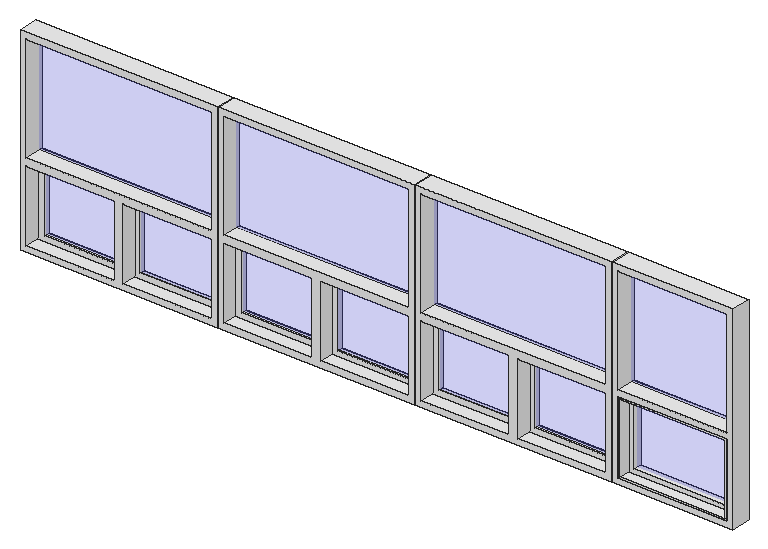
Revit family
Parameters (values of type "AW 19")
  창 두께 = 150 mm
  창 패널 = AW19 창 패널
  창 프레임 = AW19 창 프레임
  길이 1 = (Width - 915 mm) / 3  # 1500 mm
  Height = 1500 mm
  절반 창 두께 = 창 두께 / 2  # 75 mm
  기본 씰 높이 = 900 mm
  Wall Closure = (empty or 0)
  Width = 5415 mm
Types (3): name
  (no name)
  AW 20
  AW 19
Reference planes
  plane 1: y = 0
  plane 2 "중심(왼쪽/오른쪽)": x = 0
  plane 3 "왼쪽": x = -2707.5
  plane 4 "오른쪽": x = 2707.5
  plane 5 "씰": z = 900
  plane 6 "헤드": z = 2400
  plane 7 "외부": y = 100
  plane 8 "내부": y = -100
  plane 9: y = 75
  plane 10: y = -75
  plane 11: y = 35
  plane 12: x = -2662.5
  plane 13: x = 2662.5
  plane 14: x = -2652.5
  plane 15: x = 2652.5
  plane 16: z = 1500
  plane 17: z = 1490
  plane 18: z = 1545
  plane 19: y = 55
  plane 20: y = 66
  plane 21: y = 44
  plane 22: y = -11
  plane 23: y = 11
  plane 24: x = -1208
  plane 25: x = 292
  plane 26: x = 1792
  plane 27: x = -1957.75
  plane 28: x = -458
  plane 29: x = 1042
  plane 30: x = -1990.25
  plane 31: x = -1925.25
  plane 32: x = -1980.25
  plane 33: x = -1935.25
  plane 34: x = -1240.5
  plane 35: x = -1175.5
  plane 36: x = -1230.5
  plane 37: x = -1185.5
  plane 38: x = -425.5
  plane 39: x = -490.5
  plane 40: x = -480.5
  plane 41: x = -435.5
  plane 42: x = 259.5
  plane 43: x = 324.5
  plane 44: x = 269.5
  plane 45: x = 314.5
  plane 46: x = 1009.5
  plane 47: x = 1074.5
  plane 48: x = 1019.5
  plane 49: x = 1064.5
  plane 50: x = 1759.5
  plane 51: x = 1824.5
  plane 52: x = 1769.5
  plane 53: x = 1814.5
  plane 54: x = 1417
  plane 55: x = 667
  plane 56: x = -83
  plane 57: x = -833
  plane 58: x = -1582.875
  plane 59: x = -2332.625
  plane 60: x = 2249.75
Lines and regions (mm)
  symbolic lines, style "입면도 스윙"
    curve 1: line (22.5, 75, 945) -> (-32.5, 75, 945)
  symbolic lines
    curve 2: line (-2707.5, 100, 0) -> (-2707.5, -100, 0)
    curve 3: line (2707.5, 100, 0) -> (2707.5, -100, 0)
    curve 4: line (-2707.5, 75, 0) -> (2707.5, 75, 0)
    curve 5: line (-2707.5, -75, 0) -> (2707.5, -75, 0)
    curve 6: line (-2707.5, 0, 0) -> (-1252.5, 0, 0)
    curve 7: line (-1252.5, 75, 0) -> (-1252.5, -75, 0)
    curve 8: line (-1162.5, 75, 0) -> (-1162.5, -75, 0)
    curve 9: line (-1162.5, 0, 0) -> (247.5, 0, 0)
    curve 10: line (247.5, 75, 0) -> (247.5, -75, 0)
    curve 11: line (337.5, 75, 0) -> (337.5, -75, 0)
    curve 12: line (337.5, 0, 0) -> (1747.5, 0, 0)
    curve 13: line (1747.5, 75, 0) -> (1747.5, -75, 0)
    curve 14: line (1837.5, 75, 0) -> (1837.5, -75, 0)
    curve 15: line (1837.5, 0, 0) -> (2707.5, 0, 0)
Text (mm)
  text "외부" at (-1963.203, 1332.353, 0), in view "참조 레벨"
  text "내부" at (-1981.466, -818.386, 0), in view "참조 레벨"
  text "외부" at (0, 923.751, 2943.296), in view "오른쪽"
  text "외부" at (0, 1040.484, 2685.409), in view "왼쪽"
Dimensions and locks
  equal spacing: plane 3 "왼쪽", plane 2 "중심(왼쪽/오른쪽)", plane 4 "오른쪽"
  "Width": plane 3 "왼쪽" to plane 4 "오른쪽"
  "Height": plane 5 "씰" to plane 6 "헤드"
  "기본 씰 높이": plane 5 "씰" to level
  locked: plane 7 "외부" to host wall at 0
  locked: plane 8 "내부" to host wall
  plane 17 to plane 16 to plane 18 = 10 mm locked, 45 mm locked
  plane 9 to plane 19 to plane 11 = 20 mm locked, 20 mm locked
  plane 20 to plane 19 to plane 21 = 11 mm locked, 11 mm locked
  plane 23 to host wall to plane 22 = 11 mm locked, 11 mm locked
  plane 3 "왼쪽" to plane 12 to plane 14 = 45 mm locked, 10 mm locked
  plane 15 to plane 13 to plane 4 "오른쪽" = 10 mm locked, 45 mm locked
  locked: plane 5 "씰" to plane 16 at 600
  equal spacing: plane 24, plane 28, plane 25
  equal spacing: plane 25, plane 29, plane 26
  plane 30 to plane 32 to plane 27 to plane 33 to plane 31 = 10 mm locked, 22.5 mm locked, 22.5 mm locked, 10 mm locked
  plane 34 to plane 36 to plane 24 to plane 37 to plane 35 = 10 mm locked, 22.5 mm locked, 22.5 mm locked, 10 mm locked
  plane 39 to plane 40 to plane 28 to plane 41 to plane 38 = 10 mm locked, 22.5 mm locked, 22.5 mm locked, 10 mm locked
  plane 42 to plane 44 to plane 25 to plane 45 to plane 43 = 10 mm locked, 22.5 mm locked, 22.5 mm locked, 10 mm locked
  plane 46 to plane 48 to plane 29 to plane 49 to plane 47 = 10 mm locked, 22.5 mm locked, 22.5 mm locked, 10 mm locked
  plane 50 to plane 52 to plane 26 to plane 53 to plane 51 = 10 mm locked, 22.5 mm locked, 22.5 mm locked, 10 mm locked
  equal spacing: plane 29, plane 54, plane 26
  equal spacing: plane 25, plane 55, plane 29
  equal spacing: plane 28, plane 56, plane 25
  equal spacing: plane 24, plane 57, plane 28
  equal spacing: plane 27, plane 58, plane 24
  locked: plane 25 to plane 26 at 1500
  locked: plane 24 to plane 25 at 1500
  locked: plane 3 "왼쪽" to plane 24 at 1499.5
  equal spacing: plane 3 "왼쪽", plane 27, plane 24
  equal spacing: plane 3 "왼쪽", plane 59, plane 27
  equal spacing: plane 26, plane 60, plane 4 "오른쪽"
  "절반 창 두께": plane 9 to host wall
  "절반 창 두께": host wall to plane 10
  aligned and locked: plane 3 "왼쪽" to nested 1
  aligned and locked: nested 1 to plane 5 "씰"
  aligned and locked: nested 2 to plane 5 "씰"
  aligned and locked: nested 2 to nested 1
  aligned and locked: nested 3 to plane 5 "씰"
  aligned and locked: nested 2 to nested 3
  aligned and locked: plane 4 "오른쪽" to nested 4
  aligned and locked: nested 4 to plane 5 "씰"
  aligned and locked: curve 2 to plane 7 "외부"
  aligned and locked: curve 2 to plane 8 "내부"
  aligned and locked: curve 2 to nested 1
  aligned and locked: plane 7 "외부" to curve 3
  aligned and locked: plane 8 "내부" to curve 3
  aligned and locked: curve 3 to nested 4
  aligned and locked: nested 1 to curve 5
  aligned and locked: nested 4 to curve 5
  aligned and locked: curve 5 to plane 10
  aligned and locked: curve 4 to plane 9
  aligned and locked: nested 1 to curve 6
  aligned and locked: host wall to curve 6
  aligned and locked: plane 9 to curve 7
  aligned and locked: plane 10 to curve 7
  aligned and locked: nested 1 to curve 7
  aligned and locked: nested 2 to curve 8
  aligned and locked: curve 8 to curve 9
  aligned and locked: nested 2 to curve 9
  aligned and locked: host wall to curve 9
  aligned and locked: nested 2 to curve 10
  aligned and locked: nested 3 to curve 11
  aligned and locked: curve 11 to curve 12
  aligned and locked: nested 3 to curve 12
  aligned and locked: host wall to curve 12
  aligned and locked: nested 3 to curve 13
  aligned and locked: nested 4 to curve 14
  aligned and locked: curve 14 to curve 15
  aligned and locked: host wall to curve 15
Automatic sketch dimensions
  plane 2 "중심(왼쪽/오른쪽)" to curve 1 = 22.5 mm
  curve 1 to plane 2 "중심(왼쪽/오른쪽)" = 32.5 mm
  curve 1 to plane 5 "씰" = 45 mm
Nested families
  nested 1: "AW9 2" at (-1957.5, 0, 0) x (-1, 0, 0) z (0, 0, 1), type "AW9"
  nested 2: "AW9 2" at (-457.5, 0, 0) x (-1, 0, 0) z (0, 0, 1), type "AW9"
  nested 3: "AW9 2" at (1042.5, 0, 0) x (-1, 0, 0) z (0, 0, 1), type "AW9"
  nested 4: "창 단위" at (2250, 0, 0), type "AW9-1"
Definition of nested family "AW9 2"
  Parameters (values of type "AW9-1")
    창 두께 = 100 mm
    창 패널 = AW9 창 패널
    창 프레임 = AW9 창 프레임
    Height = 1500 mm
    절반 창 두께 = 창 두께 / 2  # 50 mm
    기본 씰 높이 = 900 mm
    Wall Closure = (empty or 0)
    Width = 1500 mm
    Assembly Code = ""
  Types (2, lengths in mm): name | 창 두께 | 창 패널 | 창 프레임 | 절반 창 두께
    AW9 | 150 | AW19 창 패널 | AW19 창 프레임 | 75
    AW9-1 | 100 | AW9 창 패널 | AW9 창 프레임 | 50
  Reference planes
    plane 1: y = 0
    plane 2 "중심(왼쪽/오른쪽)": x = 0
    plane 3 "왼쪽": x = -750
    plane 4 "오른쪽": x = 750
    plane 5 "씰": z = 900
    plane 6 "헤드": z = 2400
    plane 7 "외부": y = 100
    plane 8 "내부": y = -100
    plane 9: y = 50
    plane 10: y = -50
    plane 11: y = 10
    plane 12: x = -705
    plane 13: x = 705
    plane 14: x = -695
    plane 15: x = 695
    plane 16: z = 1500
    plane 17: z = 1490
    plane 18: z = 1545
    plane 19: y = 30
    plane 20: y = 41
    plane 21: y = 19
    plane 22: y = -11
    plane 23: y = 11
    plane 24: x = -22.5
    plane 25: x = 22.5
    plane 26: x = -32.5
    plane 27: x = 32.5
    plane 28: z = 2355
    plane 29: z = 945
    plane 30: x = 655
    plane 31: z = 1450
    plane 32: x = -655
    plane 33: z = 985
    plane 34: x = 72.5
    plane 35: x = -72.5
    plane 36: x = 368.75
    plane 37: x = -368.75
  Forms (mm)
    Extrusion 1, solid, material "AW9 창 프레임" <- "창 프레임"
      sketch origin (-2000, 50, 1000) x (-1, 0, 0) y (0, 0, 1)
        loop
          line (-2750, 1400) -> (-2750, -100) -> (-1250, -100) -> (-1250, 1400) -> (-2750, 1400)
        loop
          line (-2705, 1355) -> (-2705, 545) -> (-1295, 545) -> (-1295, 1355) -> (-2705, 1355)
        loop
          line (-2705, -55) -> (-2032.5, -55) -> (-2032.5, 490) -> (-2705, 490) -> (-2705, -55)
        loop
          line (-1295, -55) -> (-1295, 490) -> (-1967.5, 490) -> (-1967.5, -55) -> (-1295, -55)
      from -100 to 0
    Extrusion 2, solid, material "AW9 창 프레임" <- "창 프레임"
      sketch origin (-2000, 50, 1000) x (-1, 0, 0) y (0, 0, 1)
        loop
          line (-2705, 490) -> (-2705, -55) -> (-2032.5, -55) -> (-2032.5, 490) -> (-2705, 490)
        loop
          line (-1967.5, 490) -> (-1967.5, -55) -> (-1295, -55) -> (-1295, 490) -> (-1967.5, 490)
        loop
          line (-2655, 450) -> (-2655, -15) -> (-2072.5, -15) -> (-2072.5, 450) -> (-2655, 450)
        loop
          line (-1927.5, 450) -> (-1927.5, -15) -> (-1345, -15) -> (-1345, 450) -> (-1927.5, 450)
      from -40 to 0
    Extrusion 3, solid, material "AW9 창 패널" <- "창 패널"
      sketch origin (-2000, 50, 1000) x (-1, 0, 0) y (0, 0, 1)
        loop
          line (-2705, 1355) -> (-2705, 545) -> (-1295, 545) -> (-1295, 1355) -> (-2705, 1355)
        loop
          line (-2655, 450) -> (-2655, -15) -> (-2072.5, -15) -> (-2072.5, 450) -> (-2655, 450)
        loop
          line (-1927.5, 450) -> (-1927.5, -15) -> (-1345, -15) -> (-1345, 450) -> (-1927.5, 450)
      from -31 to -9
  Lines and regions (mm)
    Opening 1
      outline origin (3500, -100, 0) x (1, 0, 0) y (0, 0, 1)
        loop
          line (-2750, 900) -> (-2750, 2400) -> (-4250, 2400) -> (-4250, 900) -> (-2750, 900)
    symbolic lines, style "입면도 스윙"
      curve 1: line (368.75, 50, 1490) -> (705, 50, 945)
      curve 2: line (368.75, 50, 1490) -> (32.5, 50, 945)
      curve 3: line (-32.5, 50, 945) -> (-368.75, 50, 1490)
      curve 4: line (-368.75, 50, 1490) -> (-705, 50, 945)
  Text (mm)
    text "외부" at (-1963.203, 1332.353, 0), in view "참조 레벨"
    text "내부" at (-1981.466, -818.386, 0), in view "참조 레벨"
    text "외부" at (0, 923.751, 2943.296), in view "오른쪽"
    text "외부" at (0, 1040.484, 2685.409), in view "왼쪽"
  Dimensions and locks
    equal spacing: plane 3 "왼쪽", plane 2 "중심(왼쪽/오른쪽)", plane 4 "오른쪽"
    "Width": plane 3 "왼쪽" to plane 4 "오른쪽"
    "Height": plane 5 "씰" to plane 6 "헤드"
    locked: plane 7 "외부" to host wall at 0
    locked: plane 8 "내부" to host wall
    plane 17 to plane 16 to plane 18 = 10 mm locked, 45 mm locked
    plane 9 to plane 19 to plane 11 = 20 mm locked, 20 mm locked
    plane 20 to plane 19 to plane 21 = 11 mm locked, 11 mm locked
    plane 23 to host wall to plane 22 = 11 mm locked, 11 mm locked
    plane 3 "왼쪽" to plane 12 to plane 14 = 45 mm locked, 10 mm locked
    plane 15 to plane 13 to plane 4 "오른쪽" = 10 mm locked, 45 mm locked
    plane 24 to plane 2 "중심(왼쪽/오른쪽)" to plane 25 = 22.5 mm locked, 22.5 mm locked
    locked: plane 26 to plane 24 at 10
    locked: plane 25 to plane 27 at 10
    locked: plane 5 "씰" to plane 16 at 600
    "절반 창 두께": plane 9 to plane 1
    "절반 창 두께": plane 10 to plane 1
    "기본 씰 높이": level to plane 5 "씰"
    locked: plane 28 to plane 6 "헤드" at 45
    locked: plane 5 "씰" to plane 29 at 45
    locked: plane 30 to plane 15 at 40
    locked: plane 31 to plane 17 at 40
    locked: plane 14 to plane 32 at 40
    locked: plane 29 to plane 33 at 40
    locked: plane 34 to plane 27 at 40
    locked: plane 26 to plane 35 at 40
    equal spacing: plane 27, plane 36, plane 13
    equal spacing: plane 26, plane 37, plane 12
    aligned and locked: plane 6 "헤드" to Extrusion 1 sketch curve
    aligned and locked: plane 4 "오른쪽" to Extrusion 1 sketch curve
    aligned and locked: Extrusion 1 sketch curve to plane 5 "씰"
    aligned and locked: Extrusion 1 sketch curve to plane 3 "왼쪽"
    aligned and locked: Extrusion 1 sketch curve to plane 28
    aligned and locked: plane 13 to Extrusion 1 sketch curve  (x2)
    aligned and locked: plane 29 to Extrusion 1 sketch curve  (x2)
    aligned and locked: Extrusion 1 sketch curve to plane 12
    aligned and locked: plane 18 to Extrusion 1 sketch curve
    aligned and locked: plane 12 to Extrusion 1 sketch curve
    aligned and locked: plane 17 to Extrusion 1 sketch curve  (x2)
    aligned and locked: plane 27 to Extrusion 1 sketch curve
    aligned and locked: plane 26 to Extrusion 1 sketch curve
    aligned and locked: Extrusion 1 to plane 10
    aligned and locked: plane 9 to Extrusion 1
    aligned and locked: plane 17 to Extrusion 2 sketch curve  (x2)
    aligned and locked: plane 13 to Extrusion 2 sketch curve
    aligned and locked: plane 29 to Extrusion 2 sketch curve  (x2)
    aligned and locked: plane 27 to Extrusion 2 sketch curve
    aligned and locked: Extrusion 2 sketch curve to plane 31  (x2)
    aligned and locked: plane 30 to Extrusion 2 sketch curve
    aligned and locked: plane 33 to Extrusion 2 sketch curve  (x2)
    aligned and locked: Extrusion 2 sketch curve to plane 34
    aligned and locked: Extrusion 2 sketch curve to plane 26
    aligned and locked: Extrusion 2 sketch curve to plane 12
    aligned and locked: plane 35 to Extrusion 2 sketch curve
    aligned and locked: Extrusion 2 sketch curve to plane 32
    aligned and locked: Extrusion 2 to plane 9
    aligned and locked: Extrusion 2 to plane 11
    aligned and locked: Extrusion 3 sketch curve to plane 28
    aligned and locked: plane 13 to Extrusion 3 sketch curve
    aligned and locked: Extrusion 3 sketch curve to plane 18
    aligned and locked: Extrusion 3 sketch curve to plane 12
    aligned and locked: Extrusion 3 sketch curve to plane 31  (x2)
    aligned and locked: plane 30 to Extrusion 3 sketch curve
    aligned and locked: plane 33 to Extrusion 3 sketch curve  (x2)
    aligned and locked: Extrusion 3 sketch curve to plane 34
    aligned and locked: plane 35 to Extrusion 3 sketch curve
    aligned and locked: Extrusion 3 sketch curve to plane 32
    aligned and locked: Extrusion 3 to plane 21
    aligned and locked: plane 20 to Extrusion 3
    aligned and locked: plane 36 to curve 1
    aligned and locked: plane 29 to curve 1
    aligned and locked: plane 13 to curve 1
    aligned and locked: plane 17 to curve 2
    aligned and locked: plane 27 to curve 2
    aligned and locked: plane 29 to curve 2
    aligned and locked: plane 17 to curve 3
    aligned and locked: plane 37 to curve 3
    aligned and locked: plane 29 to curve 3
    aligned and locked: plane 26 to curve 3
    aligned and locked: plane 29 to curve 4
    aligned and locked: plane 12 to curve 4
  Automatic sketch dimensions
    Opening 1 sketch curve to plane 3 "왼쪽" = 0 mm
    Opening 1 sketch curve to plane 4 "오른쪽" = 0 mm
    Opening 1 sketch curve to plane 5 "씰" = 0 mm
    Opening 1 sketch curve to plane 6 "헤드" = 0 mm
    Extrusion 1 sketch curve to plane 17 = 0 mm
    Extrusion 1 sketch curve to plane 29 = 0 mm
Definition of nested family "창 단위"
  Parameters (values of type "AW9-1")
    창 두께 = 150 mm
    창 패널 = AW19 창 패널
    창 프레임 = AW19 창 프레임
    Height = 1500 mm
    절반 창 두께 = 창 두께 / 2  # 75 mm
    기본 씰 높이 = 900 mm
    Wall Closure = (empty or 0)
    Width = 915 mm
    Assembly Code = ""
  Types (2, lengths in mm): name | 창 패널 | 창 프레임 | 기본 씰 높이 | Width
    AW9 | AW9 창 패널 | AW9 창 프레임 | 1200 | 1500
    AW9-1 | AW19 창 패널 | AW19 창 프레임 | 900 | 915
  Reference planes
    plane 1: y = 0
    plane 2 "중심(왼쪽/오른쪽)": x = 0
    plane 3 "왼쪽": x = -457.5
    plane 4 "오른쪽": x = 457.5
    plane 5 "씰": z = 900
    plane 6 "헤드": z = 2400
    plane 7 "외부": y = 100
    plane 8 "내부": y = -100
    plane 9: y = 75
    plane 10: y = -75
    plane 11: y = 35
    plane 12: x = -412.5
    plane 13: x = 412.5
    plane 14: x = -402.5
    plane 15: x = 402.5
    plane 16: z = 1500
    plane 17: z = 1490
    plane 18: z = 1545
    plane 19: y = 55
    plane 20: y = 66
    plane 21: y = 44
    plane 22: y = -11
    plane 23: y = 11
    plane 24: x = -22.5
    plane 25: x = 22.5
    plane 26: x = -32.5
    plane 27: x = 32.5
    plane 28: z = 2355
    plane 29: z = 945
    plane 30: x = 362.5
    plane 31: z = 1450
    plane 32: x = -362.5
    plane 33: z = 985
    plane 34: x = 72.5
    plane 35: x = -72.5
    plane 36: x = 222.5
    plane 37: x = -222.5
    plane 38: z = 955
  Forms (mm)
    Extrusion 1, solid, material "AW19 창 프레임" <- "창 프레임"
      sketch origin (-2000, 75, 1000) x (-1, 0, 0) y (0, 0, 1)
        loop
          line (-2457.5, 1400) -> (-2457.5, -100) -> (-1542.5, -100) -> (-1542.5, 1400) -> (-2457.5, 1400)
        loop
          line (-2412.5, 1355) -> (-2412.5, 545) -> (-1587.5, 545) -> (-1587.5, 1355) -> (-2412.5, 1355)
        loop
          line (-2412.5, -55) -> (-1587.5, -55) -> (-1587.5, 500) -> (-2412.5, 500) -> (-2412.5, -55)
      from -150 to 0
    Extrusion 2, solid, material "AW19 창 패널" <- "창 패널"
      sketch origin (-2000, 75, 1000) x (-1, 0, 0) y (0, 0, 1)
        loop
          line (-2412.5, 1355) -> (-2412.5, 545) -> (-1587.5, 545) -> (-1587.5, 1355) -> (-2412.5, 1355)
        loop
          line (-2412.5, 500) -> (-2412.5, -55) -> (-1587.5, -55) -> (-1587.5, 500) -> (-2412.5, 500)
      from -31 to -9
    Extrusion 3, solid, material "AW19 창 프레임" <- "창 프레임"
      sketch origin (-2000, 75, 1000) x (-1, 0, 0) y (0, 0, 1)
        loop
          line (-2362.5, 450) -> (-2362.5, -15) -> (-1637.5, -15) -> (-1637.5, 450) -> (-2362.5, 450)
        loop
          line (-2412.5, 500) -> (-2412.5, -55) -> (-1587.5, -55) -> (-1587.5, 500) -> (-2412.5, 500)
      from -64 to 0
    Extrusion 4, solid, material "AW19 창 프레임" <- "창 프레임"
      sketch origin (-2000, 75, 1000) x (-1, 0, 0) y (0, 0, 1)
        loop
          line (-2412.5, 500) -> (-2412.5, -55) -> (-1587.5, -55) -> (-1587.5, 500) -> (-2412.5, 500)
        loop
          line (-2402.5, 490) -> (-2402.5, -45) -> (-1597.5, -45) -> (-1597.5, 490) -> (-2402.5, 490)
      from -64 to -150
  Lines and regions (mm)
    Opening 1
      outline origin (3500, -100, 0) x (1, 0, 0) y (0, 0, 1)
        loop
          line (-3042.5, 900) -> (-3042.5, 2400) -> (-3957.5, 2400) -> (-3957.5, 900) -> (-3042.5, 900)
    symbolic lines, style "입면도 스윙"
      curve 1: line (412.5, 75, 945) -> (0, 75, 1500)
      curve 2: line (0, 75, 1500) -> (-412.5, 75, 945)
  Text (mm)
    text "외부" at (-1963.203, 1332.353, 0), in view "참조 레벨"
    text "내부" at (-1981.466, -818.386, 0), in view "참조 레벨"
    text "외부" at (0, 923.751, 2943.296), in view "오른쪽"
    text "외부" at (0, 1040.484, 2685.409), in view "왼쪽"
  Dimensions and locks
    equal spacing: plane 3 "왼쪽", plane 2 "중심(왼쪽/오른쪽)", plane 4 "오른쪽"
    "Width": plane 3 "왼쪽" to plane 4 "오른쪽"
    "Height": plane 5 "씰" to plane 6 "헤드"
    locked: plane 7 "외부" to host wall at 0
    locked: plane 8 "내부" to host wall
    plane 17 to plane 16 to plane 18 = 10 mm locked, 45 mm locked
    plane 9 to plane 19 to plane 11 = 20 mm locked, 20 mm locked
    plane 20 to plane 19 to plane 21 = 11 mm locked, 11 mm locked
    plane 23 to host wall to plane 22 = 11 mm locked, 11 mm locked
    plane 3 "왼쪽" to plane 12 to plane 14 = 45 mm locked, 10 mm locked
    plane 15 to plane 13 to plane 4 "오른쪽" = 10 mm locked, 45 mm locked
    plane 24 to plane 2 "중심(왼쪽/오른쪽)" to plane 25 = 22.5 mm locked, 22.5 mm locked
    locked: plane 26 to plane 24 at 10
    locked: plane 25 to plane 27 at 10
    locked: plane 5 "씰" to plane 16 at 600
    "절반 창 두께": plane 9 to plane 1
    "절반 창 두께": plane 10 to plane 1
    "기본 씰 높이": level to plane 5 "씰"
    locked: plane 28 to plane 6 "헤드" at 45
    locked: plane 5 "씰" to plane 29 at 45
    locked: plane 30 to plane 15 at 40
    locked: plane 31 to plane 17 at 40
    locked: plane 14 to plane 32 at 40
    locked: plane 29 to plane 33 at 40
    locked: plane 34 to plane 27 at 40
    locked: plane 26 to plane 35 at 40
    equal spacing: plane 27, plane 36, plane 13
    equal spacing: plane 26, plane 37, plane 12
    locked: plane 29 to plane 38 at 10
    aligned and locked: plane 6 "헤드" to Extrusion 1 sketch curve
    aligned and locked: plane 4 "오른쪽" to Extrusion 1 sketch curve
    aligned and locked: Extrusion 1 sketch curve to plane 5 "씰"
    aligned and locked: Extrusion 1 sketch curve to plane 3 "왼쪽"
    aligned and locked: Extrusion 1 sketch curve to plane 28
    aligned and locked: Extrusion 1 sketch curve to plane 12
    aligned and locked: plane 13 to Extrusion 1 sketch curve  (x3)
    aligned and locked: plane 18 to Extrusion 1 sketch curve
    aligned and locked: Extrusion 1 to plane 10
    aligned and locked: plane 9 to Extrusion 1
    aligned and locked: plane 12 to Extrusion 1 sketch curve  (x2)
    aligned and locked: Extrusion 1 sketch curve to plane 29
    aligned and locked: plane 13 to Extrusion 2 sketch curve  (x2)
    aligned and locked: Extrusion 2 sketch curve to plane 28
    aligned and locked: Extrusion 2 sketch curve to plane 12  (x2)
    aligned and locked: Extrusion 2 sketch curve to plane 18
    aligned and locked: plane 29 to Extrusion 2 sketch curve
    aligned and locked: Extrusion 2 to plane 21
    aligned and locked: plane 20 to Extrusion 2
    aligned and locked: plane 33 to Extrusion 3 sketch curve
    aligned and locked: Extrusion 3 sketch curve to plane 32
    aligned and locked: Extrusion 3 sketch curve to plane 31
    aligned and locked: plane 30 to Extrusion 3 sketch curve
    aligned and locked: plane 16 to Extrusion 3 sketch curve
    aligned and locked: plane 13 to Extrusion 3 sketch curve
    aligned and locked: plane 29 to Extrusion 3 sketch curve
    aligned and locked: Extrusion 3 sketch curve to plane 12
    aligned and locked: plane 16 to Extrusion 1 sketch curve
    aligned and locked: plane 16 to Extrusion 2 sketch curve
    aligned and locked: Extrusion 3 to plane 23
    aligned and locked: plane 9 to Extrusion 3
    aligned and locked: plane 16 to Extrusion 4 sketch curve
    aligned and locked: plane 13 to Extrusion 4 sketch curve
    aligned and locked: plane 29 to Extrusion 4 sketch curve
    aligned and locked: Extrusion 4 sketch curve to plane 12
    aligned and locked: Extrusion 4 sketch curve to plane 14
    aligned and locked: plane 17 to Extrusion 4 sketch curve
    aligned and locked: plane 15 to Extrusion 4 sketch curve
    aligned and locked: plane 38 to Extrusion 4 sketch curve
    aligned and locked: Extrusion 4 to plane 23
    aligned and locked: Extrusion 4 to plane 10
    aligned and locked: plane 29 to curve 1
    aligned and locked: plane 13 to curve 1
    aligned and locked: plane 12 to curve 2
    aligned and locked: plane 29 to curve 2
    aligned and locked: plane 2 "중심(왼쪽/오른쪽)" to curve 2
    aligned and locked: plane 16 to curve 2
  Automatic sketch dimensions
    Opening 1 sketch curve to plane 3 "왼쪽" = 0 mm
    Opening 1 sketch curve to plane 4 "오른쪽" = 0 mm
    Opening 1 sketch curve to plane 5 "씰" = 0 mm
    Opening 1 sketch curve to plane 6 "헤드" = 0 mm
